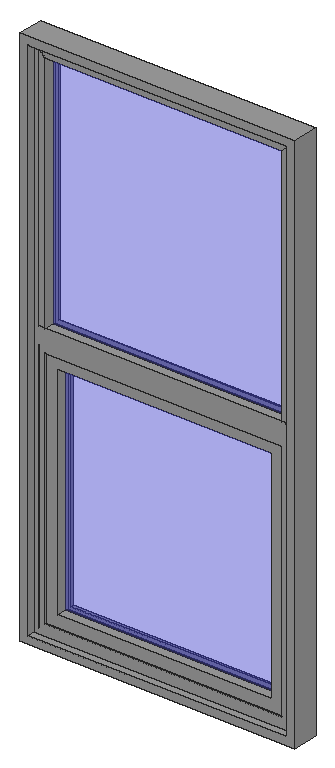
Revit family "14PL OP007_v02", category Windows, host Wall, Revit 2015
Parameters
  Wall Thickness [instance] = 0' - 6"
  URL = "obe.com"
  Transom Height = 3' - 0"
  Rough Width = Width + 0' 0 1/2"  # 3' - 0 1/2"
  Rough Height = Height + 0' 0 1/2"  # 6' - 0 1/2"
  Offset Limitation [instance] = if((Offset + 0' 3 1/2") > Wall Thickness, (Wall Thickness - 0' 3 1/2"), Offset)  # 0' - 0"
  Offset [instance] = 0' - 0"
  Model = "14PL OP007"
  Manufacturer = "Oldcastle BuildingEnvelope®"
  Keynote = "08 51 00"
  Height = Operable Height + Transom Height  # 6' - 0"
  Glass Material = Glass
  Frame Material = Aluminum
  Operable Height = 3' - 0"
  Description = "SIGNATURE SERIES 14PL"
  Default Sill Height = 3' - 0"
  Wall Closure = By host
  Width = 3' - 0"
  Construction Type = ""
  Assembly Code = "B2020"
Reference planes (in)
  plane 1 "Center (Front/Back)": y = 0
  plane 2: z = 0
  plane 3 "Center (Left/Right)": x = 0
  plane 4 "Left": x = -18.25
  plane 5 "Right": x = 18.25
  plane 6 "Sill": z = 36
  plane 7 "Top": z = 108.5
  plane 8 "Offset": y = 3
  plane 9: x = 18
  plane 10: z = 108.25
  plane 11: x = -18
  plane 12: z = 36.25
  plane 13 "Center": z = 72.25
  plane 14: z = 39.5005
  plane 15: z = 69.812
  plane 16: z = 106.5
  plane 17: z = 73.1875
  plane 18 "EXT": y = 2.96875
Forms (in)
  Sweep 1, solid, material "Aluminum" <- "Frame Material"
    path origin (0, 3, 0) x (1, 0, 0) y (0, 0, 1)
      loop
        line (18, 72.25) -> (18, 36)
    profile origin (18, 3, 54.125) x (0, -1, 0) y (1, 0, 0)
      loop
        line (3.5, -0.75) -> (3.5, 0.25) -> (0, 0.25) -> (0, -1.375) -> (2.40625, -1.375) -> (2.40625, -2.25) -> (2.5, -2.25) -> (2.5, -0.75) -> (3.5, -0.75)
  Sweep 2, solid, material "Aluminum" <- "Frame Material"
    path origin (0, 3, 0) x (1, 0, 0) y (0, 0, 1)
      loop
        line (-18, 72.25) -> (-18, 36)
    profile origin (-18, 3, 54.125) x (0, -1, 0) y (1, 0, 0)
      loop
        line (3.5, 0.75) -> (2.5, 0.75) -> (2.5, 2.25) -> (2.40625, 2.25) -> (2.40625, 1.375) -> (0, 1.375) -> (0, -0.25) -> (3.5, -0.25) -> (3.5, 0.75)
  Sweep 3, solid, material "Aluminum" <- "Frame Material"
    path origin (0, 3, 0) x (1, 0, 0) y (0, 0, 1)
      loop
        line (18, 72.25) -> (18, 108.5)
    profile origin (18, 3, 90.375) x (-1, 0, 0) y (0, -1, 0)
      loop
        line (-0.25, 0) -> (2.25, 0) -> (2.25, 0.21875) -> (1.75, 0.21875) -> (1.75, 1.21875) -> (2.2505, 1.21875) -> (2.2505, 2.484) -> (1.3755, 2.5) -> (0.75, 2.5) -> (0.75, 3.5) -> (-0.25, 3.5) -> (-0.25, 0)
  Sweep 4, solid, material "Aluminum" <- "Frame Material"
    path origin (0, 3, 0) x (-1, 0, 0) y (0, 0, 1)
      loop
        line (18, 72.25) -> (18, 108.5)
    profile origin (-18, 3, 90.375) x (-1, 0, 0) y (0, -1, 0)
      loop
        line (0.25, 0) -> (0.25, 3.5) -> (-0.75, 3.5) -> (-0.75, 2.5) -> (-1.3755, 2.5) -> (-2.2505, 2.484) -> (-2.2505, 1.21875) -> (-1.75, 1.21875) -> (-1.75, 0.21875) -> (-2.25, 0.21875) -> (-2.25, 0) -> (0.25, 0)
  Sweep 5, solid, material "Aluminum" <- "Frame Material"
    path origin (0, 3, 0) x (1, 0, 0) y (0, 0, 1)
      loop
        line (18.25, 108.25) -> (-18.25, 108.25)
    profile origin (0, 3, 108.25) x (0, 0, -1) y (0, -1, 0)
      loop
        line (-0.25, 0) -> (2.25, 0) -> (2.25, 0.21875) -> (1.75, 0.21875) -> (1.75, 1.21875) -> (2.2505, 1.21875) -> (2.2505, 2.484) -> (1.3755, 2.5) -> (0.75, 2.5) -> (0.75, 3.5) -> (-0.25, 3.5) -> (-0.25, 0)
  Sweep 6, solid, material "Aluminum" <- "Frame Material"
    path origin (0, 3, 0) x (1, 0, 0) y (0, 0, 1)
      loop
        line (18.25, 72.25) -> (-18.25, 72.25)
    profile origin (0, 3, 72.25) x (0, 0, -1) y (0, -1, 0)
      loop
        line (1.4375, 2.5) -> (-1.438, 2.5) -> (-1.438, 1.21875) -> (-0.9375, 1.21875) -> (-0.9375, 0.21875) -> (-1.438, 0.21875) -> (-1.4375, 0) -> (0.56223, 0) -> (0.56223, 2.40617) -> (1.4375, 2.40617) -> (1.4375, 2.5)
  Sweep 7, solid, material "Aluminum" <- "Frame Material"
    path origin (0, 3, 0) x (1, 0, 0) y (0, 0, 1)
      loop
        line (18.25, 36.25) -> (-18.25, 36.25)
    profile origin (0, 3, 36.25) x (0, 0, -1) y (0, -1, 0)
      loop
        line (0.25, 0) -> (0.25, 3.5) -> (-0.75, 3.5) -> (-0.75, 2.5) -> (-2.25, 2.5) -> (-2.25, 2.40625) -> (-1.375, 2.40625) -> (-1.375, 0) -> (0.25, 0)
  Extrusion 8, solid, material "Glass" <- "Glass Material", detail levels coarse
    sketch origin (0, 0, 36) x (0, -1, 0) y (1, 0, 0)
      loop
        line (-2.96875, -14.7495) -> (-1.96875, -14.7495) -> (-1.96875, 14.7495) -> (-2.96875, 14.7495) -> (-2.96875, -14.7495)
    from 3.5005 to 33.812
  Extrusion 9, solid, material "Glass" <- "Glass Material", detail levels coarse
    sketch origin (0, -7, 36) x (0, -1, 0) y (1, 0, 0)
      loop
        line (-9.78125, -16.25) -> (-8.78125, -16.25) -> (-8.78125, 16.25) -> (-9.78125, 16.25) -> (-9.78125, -16.25)
    from 37.1875 to 70.5
  Extrusion 10, solid, material "Glass" <- "Glass Material", detail levels medium+fine
    sketch origin (0, 0, 36) x (0, -1, 0) y (1, 0, 0)
      loop
        line (-2.96875, -14.7495) -> (-2.71875, -14.7495) -> (-2.71875, 14.7495) -> (-2.96875, 14.7495) -> (-2.96875, -14.7495)
      loop
        line (-2.20605, 14.7495) -> (-2.20605, -14.7495) -> (-1.96875, -14.7495) -> (-1.96875, 14.7495) -> (-2.20605, 14.7495)
    from 3.5005 to 33.812
  Extrusion 11, solid, material "Glass" <- "Glass Material", detail levels medium+fine
    sketch origin (0, 0, 0) x (1, 0, 0) y (0, 1, 0)
      loop
        line (16.25, 2.78125) -> (-16.25, 2.78125) -> (-16.25, 2.53125) -> (16.25, 2.53125) -> (16.25, 2.78125)
      loop
        line (-16.25, 2.01855) -> (-16.25, 1.78125) -> (16.25, 1.78125) -> (16.25, 2.01855) -> (-16.25, 2.01855)
    from 73.1875 to 106.5
  Sweep 12, solid, material "Aluminum" <- "Frame Material"
    path origin (0, 3, 0) x (1, 0, 0) y (0, 0, 1)
      loop
        line (-18, 37.375) -> (-18, 71.9375)
    profile origin (-18, 3, 54.65625) x (-1, 0, 0) y (0, -1, 0)
      loop
        line (-1.125, -0.15625) -> (-2.063, -0.15625) -> (-2.063, 2.3125) -> (-3.751, 2.3125) -> (-3.751, 1.03125) -> (-3.2505, 1.03125) -> (-3.2505, 0.03125) -> (-3.7505, 0.03125) -> (-3.7505, -0.25) -> (-1.125, -0.25) -> (-1.125, -0.15625)
  Sweep 13, solid, material "Aluminum" <- "Frame Material"
    path origin (0, 3, 0) x (1, 0, 0) y (0, 0, 1)
      loop
        line (18, 37.375) -> (18, 71.9375)
    profile origin (18, 3, 54.65625) x (-1, 0, 0) y (0, -1, 0)
      loop
        line (1.125, -0.25) -> (3.7505, -0.25) -> (3.7505, 0.03125) -> (3.2505, 0.03125) -> (3.2505, 1.03125) -> (3.751, 1.03125) -> (3.751, 2.3125) -> (2.063, 2.3125) -> (2.063, -0.15625) -> (1.125, -0.15625) -> (1.125, -0.25)
  Sweep 14, solid, material "Aluminum" <- "Frame Material"
    path origin (0, 3, 0) x (1, 0, 0) y (0, 0, 1)
      loop
        line (16.875, 72.25) -> (-16.875, 72.25)
    profile origin (0, 3, 72.25) x (0, 0, -1) y (0, -1, 0)
      loop
        line (0.3125, -0.15626) -> (0.3125, -0.25) -> (2.938, -0.25) -> (2.938, 0.03125) -> (2.438, 0.03125) -> (2.438, 1.03125) -> (2.9385, 1.03125) -> (2.9385, 2.3125) -> (1.25042, 2.3125) -> (1.25042, -0.15626) -> (0.3125, -0.15626)
  Sweep 15, solid, material "Aluminum" <- "Frame Material"
    path origin (0, 3, 0) x (1, 0, 0) y (0, 0, 1)
      loop
        line (16.875, 36.25) -> (-16.875, 36.25)
    profile origin (0, 3, 36.25) x (0, 0, -1) y (0, -1, 0)
      loop
        line (-3.751, -0.25) -> (-1.125, -0.25) -> (-1.125, -0.15625) -> (-2.063, -0.15625) -> (-2.063, 2.3125) -> (-3.751, 2.3125) -> (-3.751, 1.03125) -> (-3.2505, 1.03125) -> (-3.2505, 0.03125) -> (-3.751, 0.03125) -> (-3.751, -0.25)
Cuts and joins
  joined: Sweep 1, Sweep 2, Sweep 3, Sweep 4, Sweep 5, Sweep 6, Sweep 7
  joined: Sweep 12, Sweep 13, Sweep 14, Sweep 15
Lines and regions (in)
  Opening 1
    outline origin (-60, -3, 0) x (1, 0, 0) y (0, 0, 1)
      loop
        line (41.75, 108.5) -> (41.75, 36) -> (78.25, 36) -> (78.25, 108.5) -> (41.75, 108.5)
  model lines, style "Opening Direction"
    curve 1: line (14.249, 2.96875, 40.001) -> (0, 2.96875, 69.3115)
    curve 2: line (0, 2.96875, 69.3115) -> (-14.249, 2.96875, 40.001)
Text (in)
  text "EXTERIOR" at (-58.6888, 50.90694, 0), in view "Ref. Level"
  text "INTERIOR" at (-58.6888, -44.4119, 0), in view "Ref. Level"
  text "Exterior" at (0, 43.65631, 123.19604), in view "Left"
  text "Exterior" at (0, 18.29385, 125.04747), in view "Right"
  text "Min Operable Size\n\n14\" width x 18\" height\n\n\n\nMin Fixed Size\n\n14\" x 18\"\n\n\n\nMax Operable Size\n\n72\" x 72\"\n\n\n\nMax Fixed Size\n\n72\" x 72\"\n\n\n\nMax Operable Area\n\n24 square feet" at (92.63041, 50.90694, 0), in view "Ref. Level"
Dimensions and locks (in)
  equal spacing: plane 4 "Left", plane 3 "Center (Left/Right)", plane 5 "Right"
  "Rough Width": plane 4 "Left" to plane 5 "Right"
  "Default Sill Height": plane 2 to plane 6 "Sill"
  "Offset Limitation": plane 8 "Offset" to host wall
  "Wall Thickness": host wall to host wall
  locked: plane 9 to plane 5 "Right" at 0.25
  locked: plane 6 "Sill" to plane 12 at 0.25
  "Operable Height": plane 12 to plane 13 "Center"
  "Transom Height": plane 13 "Center" to plane 10
  "Rough Height": plane 6 "Sill" to plane 7 "Top"
  "Width": plane 11 to plane 9
  plane 8 "Offset" to Extrusion 8 sketch curve to Extrusion 8 sketch curve = 0' - 0 1/32" locked, 0' - 1" locked
  plane 17 to plane 13 "Center" to plane 15 = 0' - 0 15/16" locked, 0' - 2.438" locked
  locked: plane 14 to plane 12 at 3.2505
  plane 8 "Offset" to Extrusion 9 sketch curve to Extrusion 9 sketch curve = 0' - 0 7/32" locked, 0' - 1" locked
  locked: plane 10 to plane 16 at 1.75
  Extrusion 10 sketch curve to Extrusion 10 sketch curve to Extrusion 10 sketch curve to Extrusion 10 sketch curve to plane 8 "Offset" = 0' - 0.2373" locked, 0' - 0.5127" locked, 0' - 0 1/4" locked, 0' - 0 1/32" locked
  Extrusion 11 sketch curve to Extrusion 11 sketch curve to Extrusion 11 sketch curve to Extrusion 11 sketch curve to plane 8 "Offset" = 0' - 0.2373" locked, 0' - 0.5127" locked, 0' - 0 1/4" locked, 0' - 0 7/32" locked
  locked: plane 18 "EXT" to plane 8 "Offset" at 0.03125
  locked: plane 11 to Sweep 14 sketch curve at 1.125
  locked: Sweep 14 sketch curve to plane 9 at 1.125
  locked: plane 11 to Sweep 15 sketch curve at 1.125
  locked: Sweep 15 sketch curve to plane 9 at 1.125
  aligned and locked: plane 7 "Top" to Opening 1 sketch curve
  aligned and locked: plane 6 "Sill" to Opening 1 sketch curve  (x2)
  aligned and locked: plane 5 "Right" to Opening 1 sketch curve
  aligned and locked: plane 4 "Left" to Opening 1 sketch curve
  aligned and locked: level to plane 2
  aligned and locked: plane 13 "Center" to Sweep 1 sketch curve
  aligned and locked: plane 6 "Sill" to Sweep 1 sketch curve
  aligned and locked: Sweep 1 sketch curve to plane 9
  aligned and locked: plane 6 "Sill" to Sweep 2 sketch curve
  aligned and locked: plane 13 "Center" to Sweep 2 sketch curve
  aligned and locked: plane 7 "Top" to Sweep 3 sketch curve
  aligned and locked: plane 13 "Center" to Sweep 3 sketch curve
  aligned and locked: plane 9 to Sweep 3 sketch curve
  aligned and locked: plane 7 "Top" to Sweep 4 sketch curve
  aligned and locked: plane 13 "Center" to Sweep 4 sketch curve
  aligned and locked: plane 11 to Sweep 4 sketch curve
  aligned and locked: plane 5 "Right" to Sweep 5 sketch curve
  aligned and locked: plane 4 "Left" to Sweep 5 sketch curve
  aligned and locked: plane 10 to Sweep 5 sketch curve
  aligned and locked: plane 5 "Right" to Sweep 6 sketch curve
  aligned and locked: plane 4 "Left" to Sweep 6 sketch curve
  aligned and locked: plane 13 "Center" to Sweep 6 sketch curve
  aligned and locked: plane 5 "Right" to Sweep 7 sketch curve
  aligned and locked: plane 4 "Left" to Sweep 7 sketch curve
  aligned and locked: plane 12 to Sweep 7 sketch curve
  aligned and locked: plane 15 to Extrusion 8
  aligned and locked: Extrusion 8 to plane 14
  aligned and locked: Extrusion 9 to plane 17
  aligned and locked: plane 16 to Extrusion 9
  aligned and locked: Sweep 2 sketch curve to plane 11
  aligned and locked: Extrusion 10 to plane 14
  aligned and locked: plane 15 to Extrusion 10
  aligned and locked: Extrusion 11 to plane 17
  aligned and locked: plane 16 to Extrusion 11
  aligned and locked: plane 11 to Sweep 12 sketch curve
  aligned and locked: plane 9 to Sweep 13 sketch curve
  aligned and locked: plane 13 "Center" to Sweep 14 sketch curve
  aligned and locked: plane 12 to Sweep 15 sketch curve
Automatic sketch dimensions
  plane 8 "Offset" to Sweep 3 sketch curve = 0' - 0"
  profile plane to Sweep 3 sketch curve = 0' - 0 1/4"
  Sweep 3 sketch curve to profile plane = 0' - 0 3/4"
  Sweep 3 sketch curve to Sweep 3 sketch curve = 0' - 0.6255"
  plane 8 "Offset" to Sweep 3 sketch curve = 0' - 0 7/32"
  Sweep 3 sketch curve to profile plane = 0' - 1 3/4"
  Sweep 3 sketch curve to Sweep 3 sketch curve = 0' - 0 1/2"
  Sweep 3 sketch curve to Sweep 3 sketch curve = 0' - 0.5005"
  Sweep 3 sketch curve to Sweep 3 sketch curve = 0' - 1"  (x2)
  Sweep 3 sketch curve to Sweep 3 sketch curve = 0' - 1.26525"
  Sweep 3 sketch curve to Sweep 3 sketch curve = 0' - 0.016"
  plane 8 "Offset" to Sweep 4 sketch curve = 0' - 0"
  profile plane to Sweep 4 sketch curve = 0' - 2.2505"
  plane 8 "Offset" to Sweep 4 sketch curve = 0' - 0 7/32"
  Sweep 4 sketch curve to Sweep 4 sketch curve = 0' - 0.0005"
  Sweep 4 sketch curve to Sweep 4 sketch curve = 0' - 0.5005"
  Sweep 4 sketch curve to Sweep 4 sketch curve = 0' - 0 7/8"
  profile plane to Sweep 4 sketch curve = 0' - 0 3/4"
  Sweep 4 sketch curve to profile plane = 0' - 0 1/4"
  Sweep 4 sketch curve to Sweep 4 sketch curve = 0' - 1"  (x2)
  Sweep 4 sketch curve to Sweep 4 sketch curve = 0' - 1.26525"
  Sweep 4 sketch curve to Sweep 4 sketch curve = 0' - 0.016"
  Sweep 5 sketch curve to plane 8 "Offset" = 0' - 0"
  profile plane to Sweep 5 sketch curve = 0' - 0 1/4"
  Sweep 5 sketch curve to profile plane = 0' - 0 3/4"
  Sweep 5 sketch curve to Sweep 5 sketch curve = 0' - 0.6255"
  plane 8 "Offset" to Sweep 5 sketch curve = 0' - 0 7/32"
  Sweep 5 sketch curve to profile plane = 0' - 1 3/4"
  Sweep 5 sketch curve to Sweep 5 sketch curve = 0' - 0 1/2"
  Sweep 5 sketch curve to Sweep 5 sketch curve = 0' - 0.5005"
  Sweep 5 sketch curve to Sweep 5 sketch curve = 0' - 1"  (x2)
  Sweep 5 sketch curve to Sweep 5 sketch curve = 0' - 1.26525"
  Sweep 5 sketch curve to Sweep 5 sketch curve = 0' - 0.016"
  Extrusion 8 sketch curve to plane 11 = 0' - 3.2505"
  plane 9 to Extrusion 8 sketch curve = 0' - 3.2505"
  Extrusion 9 sketch curve to plane 11 = 0' - 1 3/4"
  plane 9 to Extrusion 9 sketch curve = 0' - 1 3/4"
  Sweep 2 sketch curve to profile plane = 0' - 0 3/4"
  Sweep 2 sketch curve to Sweep 2 sketch curve = 0' - 1"
  Sweep 2 sketch curve to Sweep 2 sketch curve = 0' - 1 1/2"
  profile plane to Sweep 2 sketch curve = 0' - 0 1/4"
  Sweep 1 sketch curve to Sweep 1 sketch curve = 0' - 0 3/32"
  Sweep 1 sketch curve to profile plane = 0' - 0 1/4"
  Sweep 1 sketch curve to Sweep 1 sketch curve = 0' - 1"
  profile plane to Sweep 1 sketch curve = 0' - 0 3/4"
  Sweep 7 sketch curve to profile plane = 0' - 0 1/4"
  profile plane to Sweep 7 sketch curve = 0' - 0 3/4"
  Sweep 7 sketch curve to Sweep 7 sketch curve = 0' - 1"
  Sweep 7 sketch curve to Sweep 7 sketch curve = 0' - 1 1/2"
  Sweep 7 sketch curve to Sweep 7 sketch curve = 0' - 0 3/32"
  Extrusion 10 sketch curve to plane 11 = 0' - 3.2505"
  Extrusion 10 sketch curve to Extrusion 10 sketch curve = 0' - 0"  (x2)
  plane 9 to Extrusion 10 sketch curve = 0' - 3.2505"
  Extrusion 11 sketch curve to plane 11 = 0' - 1 3/4"
  Extrusion 11 sketch curve to Extrusion 11 sketch curve = 0' - 0"  (x2)
  plane 9 to Extrusion 11 sketch curve = 0' - 1 3/4"
  curve 1 to plane 3 "Center (Left/Right)" = 0' - 0"
  plane 14 to curve 2 = 0' - 0.5005"
  curve 2 to plane 11 = 0' - 3.751"
  plane 14 to curve 1 = 0' - 0.5005"
  plane 9 to curve 1 = 0' - 3.751"
  curve 2 to plane 15 = 0' - 0.5005"
  plane 8 "Offset" to Sweep 2 sketch curve = 0' - 0"
  Sweep 2 sketch curve to Sweep 2 sketch curve = 0' - 2 13/32"
  Sweep 2 sketch curve to Sweep 2 sketch curve = 0' - 0 3/32"
  Sweep 2 sketch curve to Sweep 2 sketch curve = 0' - 0 5/8"
  Sweep 1 sketch curve to Sweep 1 sketch curve = 0' - 1 1/2"
  plane 8 "Offset" to Sweep 1 sketch curve = 0' - 0"
  Sweep 1 sketch curve to Sweep 1 sketch curve = 0' - 2 13/32"
  Sweep 1 sketch curve to Sweep 1 sketch curve = 0' - 0 5/8"
  plane 8 "Offset" to Sweep 6 sketch curve = 0' - 0 7/32"
  Sweep 6 sketch curve to Sweep 6 sketch curve = 0' - 0"
  Sweep 6 sketch curve to Sweep 6 sketch curve = 0' - 0.0005"
  Sweep 6 sketch curve to Sweep 6 sketch curve = 0' - 0.5005"
  Sweep 6 sketch curve to profile plane = 0' - 1 7/16"
  Sweep 6 sketch curve to Sweep 6 sketch curve = 0' - 1"
  plane 8 "Offset" to Sweep 6 sketch curve = 0' - 2 1/2"
  Sweep 6 sketch curve to profile plane = 0' - 0.56223"
  plane 8 "Offset" to Sweep 6 sketch curve = 0' - 0"
  Sweep 6 sketch curve to Sweep 6 sketch curve = 0' - 0.09383"
  profile plane to Sweep 6 sketch curve = 0' - 0 15/16"
  Sweep 7 sketch curve to Sweep 7 sketch curve = 0' - 0 5/8"
  plane 8 "Offset" to Sweep 7 sketch curve = 0' - 0"
  Sweep 7 sketch curve to Sweep 7 sketch curve = 0' - 2 13/32"
  Sweep 12 sketch curve to plane 12 = 0' - 1 1/8"
  plane 13 "Center" to Sweep 12 sketch curve = 0' - 0 5/16"
  Sweep 12 sketch curve to plane 8 "Offset" = 0' - 0 1/4"
  profile plane to Sweep 12 sketch curve = 0' - 1 1/8"
  plane 8 "Offset" to Sweep 12 sketch curve = 0' - 0 1/32"
  Sweep 12 sketch curve to Sweep 12 sketch curve = 0' - 0 1/2"
  Sweep 12 sketch curve to Sweep 12 sketch curve = 0' - 1"
  Sweep 12 sketch curve to Sweep 12 sketch curve = 0' - 0.0005"
  Sweep 12 sketch curve to Sweep 12 sketch curve = 0' - 1.688"
  Sweep 12 sketch curve to Sweep 12 sketch curve = 0' - 0.938"
  Sweep 12 sketch curve to plane 8 "Offset" = 0' - 0 5/32"
  Sweep 12 sketch curve to Sweep 12 sketch curve = 0' - 1 9/32"
  Sweep 13 sketch curve to plane 12 = 0' - 1 1/8"
  plane 13 "Center" to Sweep 13 sketch curve = 0' - 0 5/16"
  Sweep 13 sketch curve to plane 8 "Offset" = 0' - 0 1/4"
  Sweep 13 sketch curve to profile plane = 0' - 1 1/8"
  Sweep 13 sketch curve to Sweep 13 sketch curve = 0' - 0 1/2"
  Sweep 13 sketch curve to Sweep 13 sketch curve = 0' - 1"
  Sweep 13 sketch curve to Sweep 13 sketch curve = 0' - 0.0005"
  Sweep 13 sketch curve to Sweep 13 sketch curve = 0' - 1 9/32"
  Sweep 13 sketch curve to plane 8 "Offset" = 0' - 0 5/32"
  Sweep 13 sketch curve to Sweep 13 sketch curve = 0' - 1 3/16"
  Sweep 13 sketch curve to Sweep 13 sketch curve = 0' - 0.938"
  plane 8 "Offset" to Sweep 13 sketch curve = 0' - 0 1/32"
  Sweep 14 sketch curve to profile plane = 0' - 0 5/16"
  plane 8 "Offset" to Sweep 14 sketch curve = 0' - 0 1/32"
  Sweep 14 sketch curve to plane 8 "Offset" = 0' - 0 1/4"
  Sweep 14 sketch curve to Sweep 14 sketch curve = 0' - 0 1/2"
  Sweep 14 sketch curve to Sweep 14 sketch curve = 0' - 0.5005"
  Sweep 14 sketch curve to Sweep 14 sketch curve = 0' - 1"
  Sweep 14 sketch curve to plane 8 "Offset" = 0' - 0 5/32"
  Sweep 14 sketch curve to Sweep 14 sketch curve = 0' - 0.93792"
  Sweep 14 sketch curve to Sweep 14 sketch curve = 0' - 1.68808"
  Sweep 14 sketch curve to Sweep 14 sketch curve = 0' - 1 9/32"
  Sweep 15 sketch curve to plane 8 "Offset" = 0' - 0 5/32"
  plane 8 "Offset" to Sweep 15 sketch curve = 0' - 1 1/32"
  profile plane to Sweep 15 sketch curve = 0' - 3.751"
  plane 8 "Offset" to Sweep 15 sketch curve = 0' - 0 1/32"
  Sweep 15 sketch curve to Sweep 15 sketch curve = 0' - 0.5005"  (x2)
  Sweep 15 sketch curve to plane 8 "Offset" = 0' - 0 1/4"
  Sweep 15 sketch curve to Sweep 15 sketch curve = 0' - 0.938"
  Sweep 15 sketch curve to Sweep 15 sketch curve = 0' - 1.688"
  Sweep 15 sketch curve to Sweep 15 sketch curve = 0' - 1 9/32"
